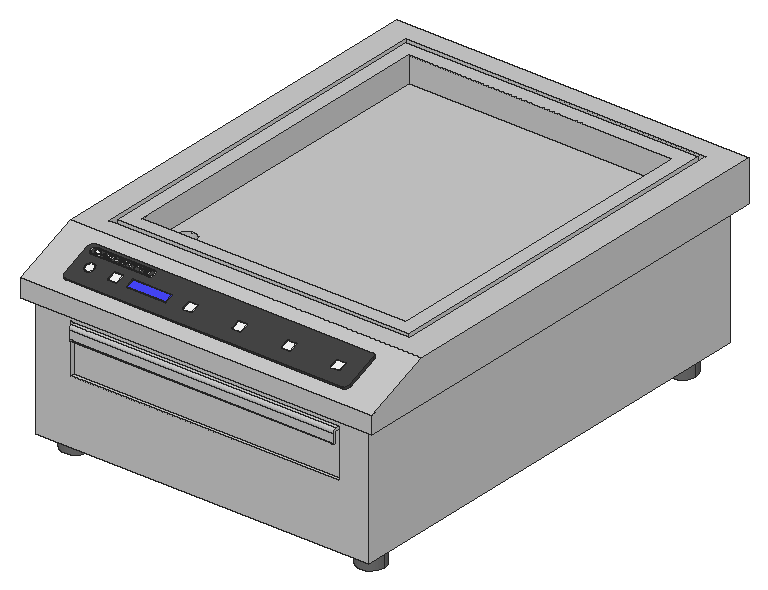
Revit family "QF_ADVENTYS_BGIC_3000_250902083833", category Specialty Equipment, Revit 2021
Family settings
  Round Connector Dimension = Use Diameter
  Part Type = Normal
  OmniClass Number = 23.40.40.14
  OmniClass Title = Food Service Equipment
  Work Plane-Based = No
  Always vertical = Yes
  Cut with Voids When Loaded = No
  Shared = No
  Room Calculation Point = No
Parameters (values of type "ADV2145")
  Weight in Pounds [instance] = 0
  Weight = 15.00 kg
  Warranty Start Date [instance] = ""
  Warranty Duration [instance] = ""
  Volts [instance] = 230 V
  URL Recommended Spares List = ""
  URL Manufacturer = ""
  URL Cutsheet = ""
  URL Critical Spares List = ""
  URL = "www.adventys.com"
  Tag Number [instance] = ""
  Status [instance] = ""
  Specification by User [instance] = ""
  Specification by Manufacturer [instance] = ""
  Sound Level [instance] = ""
  Solid Fuel Type [instance] = ""
  Service Life Duration [instance] = ""
  Serial Number [instance] = ""
  Seismic Rating [instance] = ""
  SMACNA No [instance] = ""
  Revision Code [instance] = ""
  Revision [instance] = ""
  Production Year [instance] = ""
  Point Load [instance] = 0
  Phase [instance] = 1
  Other Equipment Approvals [instance] = ""
  Number of Poles [instance] = 2
  NAFEM Spec ID Number [instance] = ""
  Model Warning [instance] = ""
  Model = "BGIC 3000"
  Min Ckt Ampacity [instance] = 0 A
  Max Overcurrent Protection [instance] = 16 A
  Masterspec [instance] = ""
  Manufacturer = "ADVENTYS"
  Length Actual = 392 mm
  Item Number [instance] = ""
  Installed By [instance] = ""
  Installation Date [instance] = ""
  Identify Quantity as Lot [instance] = no
  ID [instance] = ""
  Hygiene Approval [instance] = ""
  Hot Water Consumption = 0.0 L/s
  Height Actual = 206 mm
  HP power [instance] = ""
  Furnished By [instance] = ""
  Foodservice Equipment Identifier [instance] = no
  FL Amps [instance] = 13 A
  Electrical Remarks [instance] = "Plug not included"
  Electric power [instance] = 0 W
  Electric Connection Type [instance] = "Cord&Plug"
  Elec Conn RI Height [instance] = 0 mm
  Elec Conn Connection Height [instance] = 0 mm
  ETL Approved [instance] = no
  Description = "BIOLINE COUNTER-TOP PLANCHA"
  Depth Actual = 526 mm
  Default Elevation = 0 mm
  Cycle [instance] = 50 Hz
  Cost = 0
  Conn Plug [instance] = ""
  Conn Conduit [instance] = no
  CSI MasterFormat [instance] = ""
  CE Approved [instance] = no
  Barcode [instance] = 0
  Author [instance] = ""
  Asset Identifier [instance] = ""
  Apparent Power [instance] = 3000 VA
  Accessory = no
Reference planes
  plane 1 "Center (Front/Back)": y = 0
  plane 2: z = 0
  plane 3 "Center (Left/Right)": x = 0
Forms (mm)
  Extrusion 1, solid, not visible
    sketch origin (81.004, -235.011, 18.001) x (1, 0, 0) y (0, 1, 0)
      loop
        line (-2, 2) -> (-2, -2) -> (2, -2) -> (2, 2) -> (-2, 2)
    from -2 to 2
Dimensions and locks
  locked: nested 2 to Extrusion 1 at 2  (x2)
  aligned and locked: level to plane 2
Nested families
  nested 1: "QF_ADVENTYS_ADV2145_2916" at (0, 0, 0), type "ADV2145"
    with Status "", Show Logo yes, Show Clearance yes
  nested 2: "CONN_POINT_ELE_2D___Generic_Annotation" at (81.004, -235.011, 16.001), type "CONN_POINT_ELE_2D___Generic_Annotation"
    with Onboard connection annotation symbol visibility yes
Connectors
  electrical at (81.004, -235.011, 16.001), driven by "Apparent Power", driven by "Number of Poles", driven by "Volts"
    settings: on Extrusion 1, index 1, voltage 230 V, apparent load 0 VA, apparent load phase1 3000 VA, apparent load phase2 0 VA, apparent load phase3 0 VA, power factor 1, load classification "Other", number of poles 2, system type 31, power factor state 1, is connector primary yes, connector utility no, sub classification motor no, connector description "Electrical connection for BGIC 3000"
Definition of nested family "QF_ADVENTYS_ADV2145_2916"
  Parameters (values of type "ADV2146")
    URL = "www.adventys.com"
    Status [instance] = ""
    Show Logo [instance] = yes
    Show Clearance [instance] = yes
    Model = "BGIC 3600"
    Manufacturer = "ADVENTYS"
    Description = "BIOLINE COUNTER-TOP PLANCHA"
    Default Elevation = 0 mm
    Author = "SPECIFI"
    Assembly Code = "E1090320"
  Types (2, lengths in mm): name | Model
    ADV2145 | "BGIC 3000"
    ADV2146 | "BGIC 3600"
  Reference planes
    plane 1 "Back": y = 0
    plane 2: z = 0
    plane 3 "Left": x = 0
    plane 4 "Right": x = 392
    plane 5 "Front": y = -526
    plane 6 "Top": z = 206
  Forms (mm)
    Extrusion 1, solid
      sketch origin (0, 0, 1.96) x (1, 0, 0) y (0, 1, 0)
        loop
          line (8.2, -10.21) -> (8.2, -515) -> (380, -515) -> (380, -10.21) -> (8.2, -10.21)
      from 19.527 to 157.575
    Extrusion 2, solid
      sketch origin (0, 0, -798.04) x (0, 1, 0) y (0, 0, 1)
        loop
          line (-10.21, 957.575) -> (0, 957.575) -> (0, 1004.04) -> (-455.444, 1004.04) -> (-526, 976.956) -> (-526, 957.575) -> (-10.21, 957.575)
      from 0 to 392
    Extrusion 3, void
      sketch origin (0, 0, -798.04) x (1, 0, 0) y (0, 0, 1)
        loop
          line (48.028, 946.408) -> (48.028, 891.408) -> (348.028, 891.408) -> (348.028, 946.408) -> (48.028, 946.408)
      from 510.75 to 522.828
    Extrusion 4, solid
      sketch origin (0, -10.625, -798.04) x (0, 1, 0) y (0, 0, 1)
        loop
          line (-500.125, 944.503) -> (-507.071, 944.503)
          arc (-507.071, 944.503) -> (-509.08, 942.777) -> (-509.571, 940.173) r 4.003
          line (-509.571, 940.173) -> (-509.571, 930.173)
          arc (-509.571, 930.173) -> (-508.754, 929.357) -> (-507.937, 930.173) r 0.817
          line (-507.937, 930.173) -> (-507.937, 941.636) -> (-500.125, 941.636) -> (-500.125, 944.503)
      from 50.516 to 345.612
    Extrusion 5, solid
      sketch origin (-2.5, 0, 0) x (1, 0, 0) y (0, 1, 0)
        loop
          circle (28.374, -481.404) r 15
      from 0 to 21.487
    Extrusion 6, solid
      sketch origin (-2.5, 435, 0) x (1, 0, 0) y (0, 1, 0)
        loop
          circle (28.374, -481.404) r 15
      from 0 to 21.487
    Extrusion 7, solid
      sketch origin (327.5, 435, 0) x (1, 0, 0) y (0, 1, 0)
        loop
          circle (28.374, -481.404) r 15
      from 0 to 21.487
    Extrusion 8, solid
      sketch origin (327.5, 0, 0) x (1, 0, 0) y (0, 1, 0)
        loop
          circle (28.374, -481.404) r 15
      from 0 to 21.487
    Extrusion 9, void
      sketch origin (0, 0, 1.96) x (1, 0, 0) y (0, 1, 0)
        loop
          line (46.678, -41.897) -> (46.678, -415.181) -> (341.668, -415.181) -> (341.668, -41.897) -> (46.678, -41.897)
        loop
          line (31.678, -430.181) -> (356.668, -430.181) -> (356.668, -26.897) -> (31.678, -26.897) -> (31.678, -430.181)
        loop
          line (26.678, -435.181) -> (361.668, -435.181) -> (361.668, -21.897) -> (26.678, -21.897) -> (26.678, -435.181)
      from 175.477 to 205
    Extrusion 10, void
      sketch origin (30, 5, 1.96) x (1, 0, 0) y (0, 1, 0)
        loop
          circle (36.446, -381.546) r 10
      from 119.218 to 205
    Extrusion 11, solid
      sketch origin (744.475, 17.253, -0.3) x (1, 0, 0) y (0, 1, 0)
        loop
          circle (-663.433, -252.253) r 17.553
      from 16.313 to 21.787
    Extrusion 12, solid
      sketch origin (41, -116.893, 182.786) x (1, 0, 0) y (0, 0.933578, 0.358374)
        loop
          arc (-1, -323.032) -> (-4.536, -324.496) -> (-6, -328.032) r 5
          line (-6, -328.032) -> (-6, -363.032)
          arc (-6, -363.032) -> (-4.536, -366.568) -> (-1, -368.032) r 5
          line (-1, -368.032) -> (307.346, -368.032)
          arc (307.346, -368.032) -> (310.881, -366.568) -> (312.346, -363.032) r 5
          line (312.346, -363.032) -> (312.346, -328.032)
          arc (312.346, -328.032) -> (310.881, -324.496) -> (307.346, -323.032) r 5
          line (307.346, -323.032) -> (-1, -323.032)
        loop
          circle (10.799, -348.029) r 5
        loop
          line (34.385, -344.032) -> (34.385, -352.032)
          arc (34.385, -352.032) -> (34.678, -352.739) -> (35.385, -353.032) r 1
          line (35.385, -353.032) -> (43.385, -353.032)
          arc (43.385, -353.032) -> (44.092, -352.739) -> (44.385, -352.032) r 1
          line (44.385, -352.032) -> (44.385, -344.032)
          arc (44.385, -344.032) -> (44.092, -343.325) -> (43.385, -343.032) r 1
          line (43.385, -343.032) -> (35.385, -343.032)
          arc (35.385, -343.032) -> (34.678, -343.325) -> (34.385, -344.032) r 1
        loop
          line (118.135, -344.032) -> (118.135, -352.032)
          arc (118.135, -352.032) -> (118.428, -352.739) -> (119.135, -353.032) r 1
          line (119.135, -353.032) -> (127.135, -353.032)
          arc (127.135, -353.032) -> (127.842, -352.739) -> (128.135, -352.032) r 1
          line (128.135, -352.032) -> (128.135, -344.032)
          arc (128.135, -344.032) -> (127.842, -343.325) -> (127.135, -343.032) r 1
          line (127.135, -343.032) -> (119.135, -343.032)
          arc (119.135, -343.032) -> (118.428, -343.325) -> (118.135, -344.032) r 1
        loop
          line (55.396, -343.032) -> (55.396, -353.032) -> (98.982, -353.032) -> (98.982, -343.032) -> (55.396, -343.032)
        loop
          line (283.135, -344.032) -> (283.135, -352.032)
          arc (283.135, -352.032) -> (283.428, -352.739) -> (284.135, -353.032) r 1
          line (284.135, -353.032) -> (292.135, -353.032)
          arc (292.135, -353.032) -> (292.842, -352.739) -> (293.135, -352.032) r 1
          line (293.135, -352.032) -> (293.135, -344.032)
          arc (293.135, -344.032) -> (292.842, -343.325) -> (292.135, -343.032) r 1
          line (292.135, -343.032) -> (284.135, -343.032)
          arc (284.135, -343.032) -> (283.428, -343.325) -> (283.135, -344.032) r 1
        loop
          line (228.135, -344.032) -> (228.135, -352.032)
          arc (228.135, -352.032) -> (228.428, -352.739) -> (229.135, -353.032) r 1
          line (229.135, -353.032) -> (237.135, -353.032)
          arc (237.135, -353.032) -> (237.842, -352.739) -> (238.135, -352.032) r 1
          line (238.135, -352.032) -> (238.135, -344.032)
          arc (238.135, -344.032) -> (237.842, -343.325) -> (237.135, -343.032) r 1
          line (237.135, -343.032) -> (229.135, -343.032)
          arc (229.135, -343.032) -> (228.428, -343.325) -> (228.135, -344.032) r 1
        loop
          line (173.135, -344.032) -> (173.135, -352.032)
          arc (173.135, -352.032) -> (173.428, -352.739) -> (174.135, -353.032) r 1
          line (174.135, -353.032) -> (182.135, -353.032)
          arc (182.135, -353.032) -> (182.842, -352.739) -> (183.135, -352.032) r 1
          line (183.135, -352.032) -> (183.135, -344.032)
          arc (183.135, -344.032) -> (182.842, -343.325) -> (182.135, -343.032) r 1
          line (182.135, -343.032) -> (174.135, -343.032)
          arc (174.135, -343.032) -> (173.428, -343.325) -> (173.135, -344.032) r 1
      from 143 to 145
    Extrusion 13, solid
      sketch origin (41, -116.893, 182.786) x (1, 0, 0) y (0, 0.933578, 0.358374)
        loop
          circle (10.635, -348.032) r 5
        loop
          arc (35.385, -343.032) -> (34.678, -343.325) -> (34.385, -344.032) r 1
          line (34.385, -344.032) -> (34.385, -352.032)
          arc (34.385, -352.032) -> (34.678, -352.739) -> (35.385, -353.032) r 1
          line (35.385, -353.032) -> (43.385, -353.032)
          arc (43.385, -353.032) -> (44.092, -352.739) -> (44.385, -352.032) r 1
          line (44.385, -352.032) -> (44.385, -344.032)
          arc (44.385, -344.032) -> (44.092, -343.325) -> (43.385, -343.032) r 1
          line (43.385, -343.032) -> (35.385, -343.032)
        loop
          arc (119.135, -343.032) -> (118.428, -343.325) -> (118.135, -344.032) r 1
          line (118.135, -344.032) -> (118.135, -352.032)
          arc (118.135, -352.032) -> (118.428, -352.739) -> (119.135, -353.032) r 1
          line (119.135, -353.032) -> (127.135, -353.032)
          arc (127.135, -353.032) -> (127.842, -352.739) -> (128.135, -352.032) r 1
          line (128.135, -352.032) -> (128.135, -344.032)
          arc (128.135, -344.032) -> (127.842, -343.325) -> (127.135, -343.032) r 1
          line (127.135, -343.032) -> (119.135, -343.032)
        loop
          arc (174.135, -343.032) -> (173.428, -343.325) -> (173.135, -344.032) r 1
          line (173.135, -344.032) -> (173.135, -352.032)
          arc (173.135, -352.032) -> (173.428, -352.739) -> (174.135, -353.032) r 1
          line (174.135, -353.032) -> (182.135, -353.032)
          arc (182.135, -353.032) -> (182.842, -352.739) -> (183.135, -352.032) r 1
          line (183.135, -352.032) -> (183.135, -344.032)
          arc (183.135, -344.032) -> (182.842, -343.325) -> (182.135, -343.032) r 1
          line (182.135, -343.032) -> (174.135, -343.032)
        loop
          arc (229.135, -343.032) -> (228.428, -343.325) -> (228.135, -344.032) r 1
          line (228.135, -344.032) -> (228.135, -352.032)
          arc (228.135, -352.032) -> (228.428, -352.739) -> (229.135, -353.032) r 1
          line (229.135, -353.032) -> (237.135, -353.032)
          arc (237.135, -353.032) -> (237.842, -352.739) -> (238.135, -352.032) r 1
          line (238.135, -352.032) -> (238.135, -344.032)
          arc (238.135, -344.032) -> (237.842, -343.325) -> (237.135, -343.032) r 1
          line (237.135, -343.032) -> (229.135, -343.032)
        loop
          arc (284.135, -343.032) -> (283.428, -343.325) -> (283.135, -344.032) r 1
          line (283.135, -344.032) -> (283.135, -352.032)
          arc (283.135, -352.032) -> (283.428, -352.739) -> (284.135, -353.032) r 1
          line (284.135, -353.032) -> (292.135, -353.032)
          arc (292.135, -353.032) -> (292.842, -352.739) -> (293.135, -352.032) r 1
          line (293.135, -352.032) -> (293.135, -344.032)
          arc (293.135, -344.032) -> (292.842, -343.325) -> (292.135, -343.032) r 1
          line (292.135, -343.032) -> (284.135, -343.032)
      from 143 to 145
    Extrusion 14, solid, visible <- "Show Logo"
      sketch origin (-43.557, -18.026, 186.708) x (1, 0, 0) y (0, 0.933578, 0.358374)
        loop
          arc (88.581, -421.313) -> (88.113, -421.507) -> (87.92, -421.974) r 0.661
          line (87.92, -421.974) -> (87.92, -423.61)
          arc (87.92, -423.61) -> (88.124, -424.087) -> (88.609, -424.27) r 0.661
          line (88.609, -424.27) -> (88.609, -423.032)
          arc (88.609, -423.032) -> (88.952, -422.351) -> (89.662, -422.077) r 1.058
          line (89.662, -422.077) -> (92.486, -422.077)
          arc (92.486, -422.077) -> (92.335, -421.544) -> (91.833, -421.313) r 0.661
          line (91.833, -421.313) -> (88.581, -421.313)
        loop
          arc (88.581, -420.916) -> (87.833, -421.226) -> (87.523, -421.974) r 1.058
          line (87.523, -421.974) -> (87.523, -423.61)
          arc (87.523, -423.61) -> (87.843, -424.368) -> (88.609, -424.667) r 1.058
          arc (88.609, -424.667) -> (88.88, -425.483) -> (89.667, -425.828) r 1.058
          arc (89.667, -425.828) -> (89.974, -426.583) -> (90.725, -426.896) r 1.058
          line (90.725, -426.896) -> (93.719, -426.896)
          arc (93.719, -426.896) -> (94.467, -426.586) -> (94.777, -425.838) r 1.058
          line (94.777, -425.838) -> (94.777, -424.306)
          arc (94.777, -424.306) -> (94.463, -423.554) -> (93.708, -423.248) r 1.058
          arc (93.708, -423.248) -> (93.515, -422.517) -> (92.883, -422.101) r 1.058
          arc (92.883, -422.101) -> (92.625, -421.273) -> (91.833, -420.916) r 1.058
          line (91.833, -420.916) -> (88.581, -420.916)
        loop
          arc (93.719, -426.499) -> (94.187, -426.306) -> (94.38, -425.838) r 0.661
          line (94.38, -425.838) -> (94.38, -424.306)
          arc (94.38, -424.306) -> (94.185, -423.837) -> (93.714, -423.645) r 0.661
          line (93.714, -423.645) -> (93.714, -424.77)
          arc (93.714, -424.77) -> (93.404, -425.518) -> (92.656, -425.828) r 1.058
          line (92.656, -425.828) -> (90.064, -425.828)
          arc (90.064, -425.828) -> (90.254, -426.302) -> (90.725, -426.499) r 0.661
          line (90.725, -426.499) -> (93.719, -426.499)
        loop
          arc (95.546, -425.156) -> (95.587, -425.684) -> (96.116, -425.67) r 0.384
          line (96.116, -425.67) -> (96.845, -424.94) -> (99.743, -424.94) -> (100.472, -425.67)
          arc (100.472, -425.67) -> (101.001, -425.684) -> (101.042, -425.156) r 0.384
          line (101.042, -425.156) -> (98.294, -421.762) -> (95.546, -425.156)
        loop
          line (98.294, -423.127) -> (97.364, -424.275) -> (99.224, -424.275) -> (98.294, -423.127)
        loop
          line (102.315, -421.827) -> (102.315, -425.732) -> (105.995, -425.732)
          arc (105.995, -425.732) -> (107.947, -423.78) -> (105.995, -421.827) r 1.953
          line (105.995, -421.827) -> (102.315, -421.827)
        loop
          line (105.995, -422.854) -> (103.343, -422.854) -> (103.343, -424.705) -> (105.995, -424.705)
          arc (105.995, -424.705) -> (106.92, -423.78) -> (105.995, -422.854) r 0.925
        loop
          arc (109.84, -422.053) -> (109.312, -422.039) -> (109.27, -422.566) r 0.384
          line (109.27, -422.566) -> (112.019, -425.961) -> (114.767, -422.566)
          arc (114.767, -422.566) -> (114.725, -422.039) -> (114.197, -422.053) r 0.384
          line (114.197, -422.053) -> (112.019, -424.743) -> (109.84, -422.053)
        loop
          line (121.269, -421.781) -> (116.07, -421.781) -> (116.07, -425.732) -> (121.269, -425.732)
          arc (121.269, -425.732) -> (121.671, -425.331) -> (121.269, -424.93) r 0.401
          line (121.269, -424.93) -> (116.972, -424.93) -> (116.972, -424.139) -> (121.269, -424.139)
          arc (121.269, -424.139) -> (121.633, -423.775) -> (121.269, -423.412) r 0.363
          line (121.269, -423.412) -> (116.972, -423.412) -> (116.972, -422.583) -> (121.269, -422.583)
          arc (121.269, -422.583) -> (121.671, -422.182) -> (121.269, -421.781) r 0.401
        loop
          line (122.879, -422.331) -> (122.879, -425.274)
          arc (122.879, -425.274) -> (123.306, -425.701) -> (123.733, -425.274) r 0.427
          line (123.733, -425.274) -> (123.733, -423.122) -> (127.538, -425.5)
          arc (127.538, -425.5) -> (128.155, -425.516) -> (128.468, -424.984) r 0.608
          line (128.468, -424.984) -> (128.468, -422.254)
          arc (128.468, -422.254) -> (128.018, -421.804) -> (127.568, -422.254) r 0.45
          line (127.568, -422.254) -> (127.568, -424.337) -> (123.663, -421.897)
          arc (123.663, -421.897) -> (123.143, -421.883) -> (122.879, -422.331) r 0.513
        loop
          arc (130.273, -421.857) -> (129.778, -422.352) -> (130.273, -422.846) r 0.494
          line (130.273, -422.846) -> (132.065, -422.846) -> (132.065, -425.082)
          arc (132.065, -425.082) -> (132.54, -425.558) -> (133.016, -425.082) r 0.475
          line (133.016, -425.082) -> (133.016, -422.846) -> (134.724, -422.846)
          arc (134.724, -422.846) -> (135.218, -422.352) -> (134.724, -421.857) r 0.494
          line (134.724, -421.857) -> (130.273, -421.857)
        loop
          line (139.461, -423.175) -> (137.5, -421.853)
          arc (137.5, -421.853) -> (136.836, -421.982) -> (136.965, -422.646) r 0.479
          line (136.965, -422.646) -> (138.926, -423.969) -> (138.926, -425.108)
          arc (138.926, -425.108) -> (139.461, -425.643) -> (139.997, -425.108) r 0.535
          line (139.997, -425.108) -> (139.997, -423.969) -> (141.958, -422.646)
          arc (141.958, -422.646) -> (142.087, -421.982) -> (141.423, -421.853) r 0.479
          line (141.423, -421.853) -> (139.461, -423.175)
        loop
          line (148.501, -421.857) -> (144.795, -421.857)
          arc (144.795, -421.857) -> (143.661, -422.991) -> (144.795, -424.125) r 1.134
          line (144.795, -424.125) -> (147.852, -424.125)
          arc (147.852, -424.125) -> (148.265, -424.538) -> (147.852, -424.951) r 0.413
          line (147.852, -424.951) -> (144.128, -424.951)
          arc (144.128, -424.951) -> (143.786, -425.292) -> (144.128, -425.634) r 0.342
          line (144.128, -425.634) -> (148.218, -425.634)
          arc (148.218, -425.634) -> (148.994, -424.394) -> (147.885, -423.44) r 1.122
          line (147.885, -423.44) -> (144.736, -423.44)
          arc (144.736, -423.44) -> (144.286, -422.99) -> (144.736, -422.541) r 0.45
          line (144.736, -422.541) -> (148.501, -422.541)
          arc (148.501, -422.541) -> (148.843, -422.199) -> (148.501, -421.857) r 0.342
        loop
          arc (87.442, -420.162) -> (83.674, -423.931) -> (87.442, -427.699) r 3.769
          line (87.442, -427.699) -> (150.103, -427.699)
          arc (150.103, -427.699) -> (153.872, -423.931) -> (150.103, -420.162) r 3.769
          line (150.103, -420.162) -> (87.442, -420.162)
        loop
          arc (87.442, -419.771) -> (83.283, -423.931) -> (87.442, -428.091) r 4.16
          line (87.442, -428.091) -> (150.103, -428.091)
          arc (150.103, -428.091) -> (154.263, -423.931) -> (150.103, -419.771) r 4.16
          line (150.103, -419.771) -> (87.442, -419.771)
      from 176.77 to 176.97
    Extrusion 15, solid
      sketch origin (61, -116.893, 182.786) x (1, 0, 0) y (0, 0.933578, 0.358374)
        loop
          line (35.396, -343.032) -> (35.396, -353.032) -> (78.982, -353.032) -> (78.982, -343.032) -> (35.396, -343.032)
      from 143 to 145
    Extrusion 16, void
      sketch origin (0, 0, 0) x (1, 0, 0) y (0, 1, 0)
        loop
          line (392, 0) -> (0, 0) -> (0, -526) -> (392, -526) -> (392, 0)
      from 0 to 159.535
  Cuts and joins
    Extrusion 3, Extrusion 9, Extrusion 10 cuts Extrusion 1
    Extrusion 9, Extrusion 10 cuts Extrusion 2
    Extrusion 9 cuts Extrusion 6
    Extrusion 9 cuts Extrusion 7
  Lines and regions (mm)
    symbolic lines
      curve 1: line (0, 0, 0) -> (392, 0, 0)
      curve 2: line (392, 0, 0) -> (392, -526, 0)
      curve 3: line (392, -526, 0) -> (0, -526, 0)
      curve 4: line (0, -526, 0) -> (0, 0, 0)
      curve 5: line (0, -455.444, 0) -> (392, -455.444, 0)
      curve 6: line (341.668, -415.181, 0) -> (341.668, -41.897, 0)
      curve 7: line (341.668, -41.897, 0) -> (46.678, -41.897, 0)
      curve 8: line (46.678, -415.181, 0) -> (341.668, -415.181, 0)
      curve 9: line (46.678, -415.181, 0) -> (46.678, -41.897, 0)
      curve 10: circle (66.428, -376.376, 0) r 10.017 normal (0, 0, 1)
      curve 11: line (356.668, -430.181, 0) -> (31.678, -430.181, 0)
      curve 12: line (26.678, -435.181, 0) -> (361.668, -435.181, 0)
      curve 13: spline (40, -470.433, 0) -> (39.347, -470.473, 0) -> (38.706, -470.592, 0) -> (38.087, -470.789, 0) -> (37.5, -471.059, 0) -> (36.956, -471.398, 0) -> (36.464, -471.8, 0) -> (36.033, -472.259, 0) -> (35.67, -472.767, 0) -> (35.381, -473.315, 0) -> (35.17, -473.893, 0) -> (35.043, -474.492, 0) -> (35, -475.101, 0)
      curve 14: line (348.346, -470.433, 0) -> (40, -470.433, 0)
      curve 15: line (35, -475.101, 0) -> (35, -507.776, 0)
      curve 16: spline (35, -507.776, 0) -> (35.043, -508.386, 0) -> (35.17, -508.984, 0) -> (35.381, -509.563, 0) -> (35.67, -510.11, 0) -> (36.033, -510.618, 0) -> (36.464, -511.077, 0) -> (36.956, -511.48, 0) -> (37.5, -511.819, 0) -> (38.087, -512.089, 0) -> (38.706, -512.285, 0) -> (39.347, -512.404, 0) -> (40, -512.444, 0)
      curve 17: line (40, -512.444, 0) -> (348.346, -512.444, 0)
      curve 18: spline (348.346, -512.444, 0) -> (348.998, -512.404, 0) -> (349.64, -512.285, 0) -> (350.259, -512.089, 0) -> (350.846, -511.819, 0) -> (351.39, -511.48, 0) -> (351.881, -511.077, 0) -> (352.313, -510.618, 0) -> (352.676, -510.11, 0) -> (352.965, -509.563, 0) -> (353.175, -508.984, 0) -> (353.303, -508.386, 0) -> (353.346, -507.776, 0)
      curve 19: line (353.346, -507.776, 0) -> (353.346, -475.101, 0)
      curve 20: spline (353.346, -475.101, 0) -> (353.303, -474.492, 0) -> (353.175, -473.893, 0) -> (352.965, -473.315, 0) -> (352.676, -472.767, 0) -> (352.313, -472.259, 0) -> (351.881, -471.8, 0) -> (351.39, -471.398, 0) -> (350.846, -471.059, 0) -> (350.259, -470.789, 0) -> (349.64, -470.592, 0) -> (348.998, -470.473, 0) -> (348.346, -470.433, 0)
      curve 21: line (333.135, -489.105, 0) -> (325.135, -489.105, 0)
      curve 22: spline (334.135, -490.038, 0) -> (334.126, -489.917, 0) -> (334.101, -489.797, 0) -> (334.059, -489.681, 0) -> (334.001, -489.572, 0) -> (333.928, -489.47, 0) -> (333.842, -489.378, 0) -> (333.743, -489.298, 0) -> (333.635, -489.23, 0) -> (333.517, -489.176, 0) -> (333.393, -489.137, 0) -> (333.265, -489.113, 0) -> (333.135, -489.105, 0)
      curve 23: line (334.135, -497.507, 0) -> (334.135, -490.038, 0)
      curve 24: spline (333.135, -498.441, 0) -> (333.265, -498.433, 0) -> (333.393, -498.409, 0) -> (333.517, -498.37, 0) -> (333.635, -498.315, 0) -> (333.743, -498.248, 0) -> (333.842, -498.167, 0) -> (333.928, -498.075, 0) -> (334.001, -497.974, 0) -> (334.059, -497.864, 0) -> (334.101, -497.749, 0) -> (334.126, -497.629, 0) -> (334.135, -497.507, 0)
      curve 25: line (325.135, -498.441, 0) -> (333.135, -498.441, 0)
      curve 26: spline (325.135, -498.441, 0) -> (325.004, -498.433, 0) -> (324.876, -498.409, 0) -> (324.752, -498.37, 0) -> (324.635, -498.315, 0) -> (324.526, -498.248, 0) -> (324.428, -498.167, 0) -> (324.341, -498.075, 0) -> (324.269, -497.974, 0) -> (324.211, -497.864, 0) -> (324.169, -497.749, 0) -> (324.143, -497.629, 0) -> (324.135, -497.507, 0)
      curve 27: line (324.135, -490.038, 0) -> (324.135, -497.507, 0)
      curve 28: spline (56.635, -493.773, 0) -> (56.464, -492.565, 0) -> (55.965, -491.439, 0) -> (55.17, -490.472, 0) -> (54.135, -489.73, 0) -> (52.929, -489.264, 0) -> (51.635, -489.105, 0) -> (50.341, -489.264, 0) -> (49.135, -489.73, 0) -> (48.099, -490.472, 0) -> (47.305, -491.439, 0) -> (46.805, -492.565, 0) -> (46.635, -493.773, 0)
      curve 29: spline (46.635, -493.773, 0) -> (46.805, -494.981, 0) -> (47.305, -496.107, 0) -> (48.099, -497.073, 0) -> (49.135, -497.815, 0) -> (50.341, -498.282, 0) -> (51.635, -498.441, 0) -> (52.929, -498.282, 0) -> (54.135, -497.815, 0) -> (55.17, -497.073, 0) -> (55.965, -496.107, 0) -> (56.464, -494.981, 0) -> (56.635, -493.773, 0)
      curve 30: line (361.668, -435.181, 0) -> (361.668, -21.897, 0)
      curve 31: line (356.668, -26.897, 0) -> (356.668, -430.181, 0)
      curve 32: line (361.668, -21.897, 0) -> (26.678, -21.897, 0)
      curve 33: line (31.678, -26.897, 0) -> (356.668, -26.897, 0)
      curve 34: line (31.678, -430.181, 0) -> (31.678, -26.897, 0)
      curve 35: line (26.678, -21.897, 0) -> (26.678, -435.181, 0)
      curve 36: spline (324.135, -490.038, 0) -> (324.143, -489.917, 0) -> (324.169, -489.797, 0) -> (324.211, -489.681, 0) -> (324.269, -489.572, 0) -> (324.341, -489.47, 0) -> (324.428, -489.378, 0) -> (324.526, -489.298, 0) -> (324.635, -489.23, 0) -> (324.752, -489.176, 0) -> (324.876, -489.137, 0) -> (325.004, -489.113, 0) -> (325.135, -489.105, 0)
      curve 37: line (278.135, -489.105, 0) -> (270.135, -489.105, 0)
      curve 38: spline (279.135, -490.038, 0) -> (279.126, -489.917, 0) -> (279.101, -489.797, 0) -> (279.059, -489.681, 0) -> (279.001, -489.572, 0) -> (278.928, -489.47, 0) -> (278.842, -489.378, 0) -> (278.743, -489.298, 0) -> (278.635, -489.23, 0) -> (278.517, -489.176, 0) -> (278.393, -489.137, 0) -> (278.265, -489.113, 0) -> (278.135, -489.105, 0)
      curve 39: line (279.135, -497.507, 0) -> (279.135, -490.038, 0)
      curve 40: spline (278.135, -498.441, 0) -> (278.265, -498.433, 0) -> (278.393, -498.409, 0) -> (278.517, -498.37, 0) -> (278.635, -498.315, 0) -> (278.743, -498.248, 0) -> (278.842, -498.167, 0) -> (278.928, -498.075, 0) -> (279.001, -497.974, 0) -> (279.059, -497.864, 0) -> (279.101, -497.749, 0) -> (279.126, -497.629, 0) -> (279.135, -497.507, 0)
      curve 41: line (270.135, -498.441, 0) -> (278.135, -498.441, 0)
      curve 42: spline (270.135, -498.441, 0) -> (270.004, -498.433, 0) -> (269.876, -498.409, 0) -> (269.752, -498.37, 0) -> (269.635, -498.315, 0) -> (269.526, -498.248, 0) -> (269.428, -498.167, 0) -> (269.341, -498.075, 0) -> (269.269, -497.974, 0) -> (269.211, -497.864, 0) -> (269.169, -497.749, 0) -> (269.143, -497.629, 0) -> (269.135, -497.507, 0)
      curve 43: line (269.135, -490.038, 0) -> (269.135, -497.507, 0)
      curve 44: spline (269.135, -490.038, 0) -> (269.143, -489.917, 0) -> (269.169, -489.797, 0) -> (269.211, -489.681, 0) -> (269.269, -489.572, 0) -> (269.341, -489.47, 0) -> (269.428, -489.378, 0) -> (269.526, -489.298, 0) -> (269.635, -489.23, 0) -> (269.752, -489.176, 0) -> (269.876, -489.137, 0) -> (270.004, -489.113, 0) -> (270.135, -489.105, 0)
      curve 45: line (223.135, -489.105, 0) -> (215.135, -489.105, 0)
      curve 46: spline (224.135, -490.038, 0) -> (224.126, -489.917, 0) -> (224.101, -489.797, 0) -> (224.059, -489.681, 0) -> (224.001, -489.572, 0) -> (223.928, -489.47, 0) -> (223.842, -489.378, 0) -> (223.743, -489.298, 0) -> (223.635, -489.23, 0) -> (223.517, -489.176, 0) -> (223.393, -489.137, 0) -> (223.265, -489.113, 0) -> (223.135, -489.105, 0)
      curve 47: line (224.135, -497.507, 0) -> (224.135, -490.038, 0)
      curve 48: spline (223.135, -498.441, 0) -> (223.265, -498.433, 0) -> (223.393, -498.409, 0) -> (223.517, -498.37, 0) -> (223.635, -498.315, 0) -> (223.743, -498.248, 0) -> (223.842, -498.167, 0) -> (223.928, -498.075, 0) -> (224.001, -497.974, 0) -> (224.059, -497.864, 0) -> (224.101, -497.749, 0) -> (224.126, -497.629, 0) -> (224.135, -497.507, 0)
      curve 49: line (215.135, -498.441, 0) -> (223.135, -498.441, 0)
      curve 50: spline (215.135, -498.441, 0) -> (215.004, -498.433, 0) -> (214.876, -498.409, 0) -> (214.752, -498.37, 0) -> (214.635, -498.315, 0) -> (214.526, -498.248, 0) -> (214.428, -498.167, 0) -> (214.341, -498.075, 0) -> (214.269, -497.974, 0) -> (214.211, -497.864, 0) -> (214.169, -497.749, 0) -> (214.143, -497.629, 0) -> (214.135, -497.507, 0)
      curve 51: line (214.135, -490.038, 0) -> (214.135, -497.507, 0)
      curve 52: spline (214.135, -490.038, 0) -> (214.143, -489.917, 0) -> (214.169, -489.797, 0) -> (214.211, -489.681, 0) -> (214.269, -489.572, 0) -> (214.341, -489.47, 0) -> (214.428, -489.378, 0) -> (214.526, -489.298, 0) -> (214.635, -489.23, 0) -> (214.752, -489.176, 0) -> (214.876, -489.137, 0) -> (215.004, -489.113, 0) -> (215.135, -489.105, 0)
      curve 53: line (168.135, -489.105, 0) -> (160.135, -489.105, 0)
      curve 54: spline (169.135, -490.038, 0) -> (169.126, -489.917, 0) -> (169.101, -489.797, 0) -> (169.059, -489.681, 0) -> (169.001, -489.572, 0) -> (168.928, -489.47, 0) -> (168.842, -489.378, 0) -> (168.743, -489.298, 0) -> (168.635, -489.23, 0) -> (168.517, -489.176, 0) -> (168.393, -489.137, 0) -> (168.265, -489.113, 0) -> (168.135, -489.105, 0)
      curve 55: line (169.135, -497.507, 0) -> (169.135, -490.038, 0)
      curve 56: spline (168.135, -498.441, 0) -> (168.265, -498.433, 0) -> (168.393, -498.409, 0) -> (168.517, -498.37, 0) -> (168.635, -498.315, 0) -> (168.743, -498.248, 0) -> (168.842, -498.167, 0) -> (168.928, -498.075, 0) -> (169.001, -497.974, 0) -> (169.059, -497.864, 0) -> (169.101, -497.749, 0) -> (169.126, -497.629, 0) -> (169.135, -497.507, 0)
      curve 57: line (160.135, -498.441, 0) -> (168.135, -498.441, 0)
      curve 58: spline (160.135, -498.441, 0) -> (160.004, -498.433, 0) -> (159.876, -498.409, 0) -> (159.752, -498.37, 0) -> (159.635, -498.315, 0) -> (159.526, -498.248, 0) -> (159.428, -498.167, 0) -> (159.341, -498.075, 0) -> (159.269, -497.974, 0) -> (159.211, -497.864, 0) -> (159.169, -497.749, 0) -> (159.143, -497.629, 0) -> (159.135, -497.507, 0)
      curve 59: line (159.135, -490.038, 0) -> (159.135, -497.507, 0)
      curve 60: spline (159.135, -490.038, 0) -> (159.143, -489.917, 0) -> (159.169, -489.797, 0) -> (159.211, -489.681, 0) -> (159.269, -489.572, 0) -> (159.341, -489.47, 0) -> (159.428, -489.378, 0) -> (159.526, -489.298, 0) -> (159.635, -489.23, 0) -> (159.752, -489.176, 0) -> (159.876, -489.137, 0) -> (160.004, -489.113, 0) -> (160.135, -489.105, 0)
      curve 61: line (84.385, -489.105, 0) -> (76.385, -489.105, 0)
      curve 62: spline (85.385, -490.038, 0) -> (85.376, -489.917, 0) -> (85.351, -489.797, 0) -> (85.309, -489.681, 0) -> (85.251, -489.572, 0) -> (85.178, -489.47, 0) -> (85.092, -489.378, 0) -> (84.993, -489.298, 0) -> (84.885, -489.23, 0) -> (84.767, -489.176, 0) -> (84.643, -489.137, 0) -> (84.515, -489.113, 0) -> (84.385, -489.105, 0)
      curve 63: line (85.385, -497.507, 0) -> (85.385, -490.038, 0)
      curve 64: spline (84.385, -498.441, 0) -> (84.515, -498.433, 0) -> (84.643, -498.409, 0) -> (84.767, -498.37, 0) -> (84.885, -498.315, 0) -> (84.993, -498.248, 0) -> (85.092, -498.167, 0) -> (85.178, -498.075, 0) -> (85.251, -497.974, 0) -> (85.309, -497.864, 0) -> (85.351, -497.749, 0) -> (85.376, -497.629, 0) -> (85.385, -497.507, 0)
      curve 65: line (76.385, -498.441, 0) -> (84.385, -498.441, 0)
      curve 66: spline (76.385, -498.441, 0) -> (76.254, -498.433, 0) -> (76.126, -498.409, 0) -> (76.002, -498.37, 0) -> (75.885, -498.315, 0) -> (75.776, -498.248, 0) -> (75.678, -498.167, 0) -> (75.591, -498.075, 0) -> (75.519, -497.974, 0) -> (75.461, -497.864, 0) -> (75.419, -497.749, 0) -> (75.393, -497.629, 0) -> (75.385, -497.507, 0)
      curve 67: line (75.385, -490.038, 0) -> (75.385, -497.507, 0)
      curve 68: spline (75.385, -490.038, 0) -> (75.393, -489.917, 0) -> (75.419, -489.797, 0) -> (75.461, -489.681, 0) -> (75.519, -489.572, 0) -> (75.591, -489.47, 0) -> (75.678, -489.378, 0) -> (75.776, -489.298, 0) -> (75.885, -489.23, 0) -> (76.002, -489.176, 0) -> (76.126, -489.137, 0) -> (76.254, -489.113, 0) -> (76.385, -489.105, 0)
      curve 69: line (139.982, -489.105, 0) -> (96.396, -489.105, 0)
      curve 70: line (139.982, -498.441, 0) -> (139.982, -489.105, 0)
      curve 71: line (96.396, -498.441, 0) -> (139.982, -498.441, 0)
      curve 72: line (96.396, -489.105, 0) -> (96.396, -498.441, 0)
  Dimensions and locks
    plane 3 "Left" to plane 4 "Right" = 392 mm
    plane 5 "Front" to plane 1 "Back" = 526 mm
    plane 6 "Top" to level = 206 mm  (x2)
    aligned and locked: level to plane 2
Definition of nested family "CONN_POINT_ELE_2D___Generic_Annotation"
  Parameters (values of type "CONN_POINT_ELE_2D___Generic_Annotation")
    Onboard connection annotation symbol visibility [instance] = yes
  Reference planes
    plane 1: y = 0
    plane 2: x = 0
  Lines and regions (mm)
    detail lines, visible <- "Onboard connection annotation symbol visibility"
      curve 1: circle (0, 0, 0) r 0.5 normal (0, 0, 1)
      curve 2: line (-1, 0, 0) -> (1, 0, 0)
      curve 3: line (0, 1, 0) -> (0, -1, 0)
      curve 4: line (2.5, 1, 0) -> (1.25, 1, 0)
      curve 5: line (1.25, 1, 0) -> (1.25, -1, 0)
      curve 6: line (1.25, -1, 0) -> (2.5, -1, 0)
      curve 7: line (1.25, 0, 0) -> (2, 0, 0)
